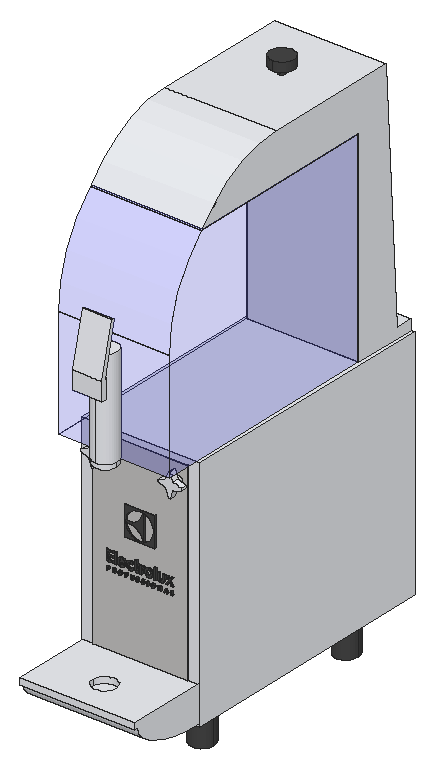
Revit family "QF_ELECTROLUXPROFESSIONAL_562509_IPRO1ER290", category Attrezzature speciali, Revit 2020
Family settings
  Quota connettore circolare = Usa diametro
  Tipo di parte = Normale
  Basato su piano di lavoro = No
  Sempre verticale = Sì
  Taglio con vuoti quando caricato = No
  Condiviso = No
  Punto di calcolo locali = No
Parameters (values of type "Standard")
  Weight = 39.00 kg
  Watts = 440 W
  Volts = 220 V
  URL Manufacturer = "https://www.electroluxprofessional.com/"
  URL = "https://www.electroluxprofessional.com/"
  Steam Supply Size = 0 mm
  Steam Supply Minimum Pressure = 0.0 Pa
  Steam Supply Maximum Pressure = 0.0 Pa
  Steam Consumption per Hour = 0
  Show Logo [instance] = yes
  Show Clearance [instance] = yes
  Refrigeration Suction Line Size = 0 mm
  Refrigeration Liquid Line Size = 0 mm
  Refrigerant Compressor Remote = yes
  Prospetto di default = 0 mm
  Produttore = "Electrolux Professional"
  Phase = 1
  Modello = "IPRO1ER290"
  Length Actual = 200 mm  # constant formula
  Item Number = "562509"
  Hot Water Size = 0 mm
  Height Actual = 870 mm  # constant formula
  HP = "0.6 HP"
  Gas Size = 0 mm
  Gas KW = 0
  Gas Input Pressure = 0 W
  Direct Waste Size = 0 mm
  Descrizione = "1X11 LT BOWL - FROZEN GRANITA DISPENSER - ELECTRONIC CONTROL - 1 INSULATED BOWL - WHITE, R290"
  Depth Actual = 580 mm  # constant formula
  Cycle = 50 Hz
  Condensate Return Size = 0 mm
  Compressed Air Volume = 0.0 L/s
  Compressed Air Size = 0 mm
  Compressed Air Pressure = 0.0 Pa
  Cold Water Size = 0 mm
  Accessory = yes
Reference planes
  plane 1: z = 0
  plane 2 "LEFT": x = -300
  plane 3 "BACK": y = 282.5
  plane 4: z = 876
  plane 5: z = 449
  plane 6: z = 113
  plane 7: z = 903
  plane 8: x = -100.125
  plane 9: y = -305.294
Forms (mm)
  Extrusion 1, solid, material "QF_Finishes_White"
    sketch origin (0, 0, 0) x (1, 0, 0) y (0, 1, 0)
      loop
        line (-300, 282.5) -> (-300, -171.294) -> (-100.125, -171.294) -> (-100.125, 282.5) -> (-300, 282.5)
    from 50 to 449
  Extrusion 2, solid, material "QF_Finishes_Stainless Steel"
    sketch origin (15.789, -8.294, 3) x (1, 0, 0) y (0, 1, 0)
      loop
        line (-135.914, -163) -> (-295.914, -163) -> (-295.914, -163.8) -> (-135.914, -163.8) -> (-135.914, -163)
    from 110 to 436
  Extrusion 3, solid, material "QF_Finishes_Stainless Steel"
    sketch origin (-546.596, -222.273, 48) x (0, -1, 0) y (1, 0, 0)
      loop
        line (-163.023, 407.596) -> (-163.023, 427.596) -> (-183.023, 427.596) -> (-183.023, 407.596) -> (-163.023, 407.596)
    from 0 to 2
Dimensions and locks
  plane 4 to level = 876 mm
  level to plane 7 = 903 mm
  plane 6 to level = 113 mm
  plane 5 to plane 6 = 336 mm
  plane 3 "BACK" to nested 12 = 569.125 mm
  Extrusion 1 to nested 5 = 587.794 mm
  plane 2 "LEFT" to plane 8 = 199.875 mm
  plane 9 to plane 3 "BACK" = 587.794 mm
  aligned and locked: level to plane 1
Nested families
  nested 1: "MANOPOLA BEVERAGE" at (-265, -172.094, 413) x (0, 0, 1) z (0, -1, 0), type "MANOPOLA BEVERAGE"
  nested 2: "MANOPOLA BEVERAGE" at (-135.125, -172.094, 413) x (0, 0, 1) z (0, -1, 0), type "MANOPOLA BEVERAGE"
  nested 3: "MANOPOLA APERTURA BEVERAGE " at (-198.5, 124.79, 876) x (0, 1, 0) z (0, 0, 1), type "MANOPOLA APERTURA BEVERAGE "
  nested 4: "PORTAGRANITE BEVERAGE-taller" at (-200, 28.972, 449), type "PORTAGRANITE BEVERAGE-taller"
  nested 5: "VASCHETTA BEVERAGE" at (-200.063, -171.294, 83) x (1, 0, 0) z (0, -1, 0), type "VASCHETTA BEVERAGE"
  nested 6: "ELXP_LOGO_ONLY_MEDIUM" at (-200.125, -172.094, 319) x (1, 0, 0) z (0, -1, 0), Show Logo <- "Show Logo", visible <- "Show Logo", type "ELXP_LOGO_ONLY_MEDIUM"
    with Show Logo yes
  nested 7: "ELX_LOGO_WORDS_MEDIUM" at (-200, -172.094, 249.611) x (1, 0, 0) z (0, -1, 0), visible <- "Show Logo", Show Logo <- "Show Logo", type "ELX_LOGO_WORDS_MEDIUM"
    with Show Logo yes
  nested 8: "Piedino 50x40 BEVERAGE" at (-271, 174.5, 0), type "Piedino 50x40 BEVERAGE"
    with H 150 mm
  nested 9: "Piedino 50x40 BEVERAGE" at (-271, -130.5, 0), type "Piedino 50x40 BEVERAGE"
    with H 150 mm
  nested 10: "Piedino 50x40 BEVERAGE" at (-129, 174.5, 0), type "Piedino 50x40 BEVERAGE"
    with H 150 mm
  nested 11: "Piedino 50x40 BEVERAGE" at (-129, -130.5, 0), type "Piedino 50x40 BEVERAGE"
    with H 150 mm
  nested 12: "BOCCHETTONE BEVERAGE_large" at (-198.625, -228.664, 567) x (1, 0, 0) z (0, -1, 0), type "BOCCHETTONE BEVERAGE_large"
Connectors
  electrical at (-129, -49.25, 48), driven by "Volts"
    settings: on Extrusion 3, index 73, voltage 220 V, apparent load 0 VA, apparent load phase1 0 VA, apparent load phase2 0 VA, apparent load phase3 0 VA, power factor 1, load classification "Altro", number of poles 1, system type 30, power factor state 1, is connector primary yes, connector utility no, sub classification motor no, connector description "Electrical Connection"
Definition of nested family "MANOPOLA BEVERAGE"
  Parameters (values of type "MANOPOLA BEVERAGE")
    Default Elevation = 1219.2 mm
  Reference planes
    plane 1 "Centro (Fronte/Retro)": y = 0
    plane 2: z = 0
    plane 3 "Centro (Sinistra/Destra)": x = 0
    plane 4: z = 20
  Forms (mm)
    Extrusion 1, solid
      sketch origin (0, 0, 0) x (1, 0, 0) y (0, 1, 0)
        loop
          line (-1219.2, 1219.2) -> (-1219.2, -1219.2) -> (1219.2, -1219.2) -> (1219.2, 1219.2) -> (-1219.2, 1219.2)
      from 0 to -304.8
    Extrusion 2, solid
      sketch origin (0, 0, 10) x (1, 0, 0) y (0, 1, 0)
        loop
          line (-20, -1.333) -> (-6.314, -6.314) -> (-1.333, -20) -> (1.333, -20) -> (6.314, -6.314) -> (20, -1.333) -> (20, 1.333) -> (6.314, 6.314) -> (1.333, 20) -> (-1.333, 20) -> (-6.314, 6.314) -> (-20, 1.333) -> (-20, -1.333)
      from 0 to 10
    Extrusion 3, solid
      sketch origin (0, 0, 0) x (1, 0, 0) y (0, 1, 0)
        loop
          circle (0, 0) r 5
      from 0 to 10
  Dimensions and locks
    aligned and locked: plane 2 to Extrusion 1
    aligned and locked: level to Extrusion 1
Definition of nested family "MANOPOLA APERTURA BEVERAGE "
  Parameters (values of type "MANOPOLA APERTURA BEVERAGE ")
    Default Elevation = 1219.2 mm
  Reference planes
    plane 1 "Centro (Fronte/Retro)": y = 0
    plane 2: z = 0
    plane 3 "Centro (Sinistra/Destra)": x = 0
    plane 4: z = 27
  Forms (mm)
    Extrusion 1, solid
      sketch origin (0, 0, 0) x (1, 0, 0) y (0, 1, 0)
        loop
          line (-1219.2, 1219.2) -> (-1219.2, -1219.2) -> (1219.2, -1219.2) -> (1219.2, 1219.2) -> (-1219.2, 1219.2)
      from 0 to -304.8
    Extrusion 2, solid
      sketch origin (0, 0, 0) x (1, 0, 0) y (0, 1, 0)
        loop
          circle (0, 0) r 5
      from 0 to 12
    Extrusion 3, solid
      sketch origin (0, 0, 12) x (1, 0, 0) y (0, 1, 0)
        loop
          circle (0, 0) r 20
      from 0 to 15
  Dimensions and locks
    Extrusion 1 to plane 4 = 27 mm
    aligned and locked: plane 2 to Extrusion 1
    aligned and locked: level to Extrusion 1
Definition of nested family "PORTAGRANITE BEVERAGE-taller"
  Parameters (values of type "PORTAGRANITE BEVERAGE-taller")
    Default Elevation = 1219.2 mm
  Reference planes
    plane 1 "Centro (Fronte/Retro)": y = 0
    plane 2: z = 0
    plane 3 "Centro (Sinistra/Destra)": x = 0
    plane 4: y = -36.472
    plane 5: z = 340
    plane 6: x = -94
    plane 7: x = 94
    plane 8: y = 253.528
    plane 9: y = -257.636
  Forms (mm)
    Extrusion 1, solid
      sketch origin (0, 0, 0) x (1, 0, 0) y (0, 1, 0)
        loop
          line (-1219.2, 1219.2) -> (-1219.2, -1219.2) -> (1219.2, -1219.2) -> (1219.2, 1219.2) -> (-1219.2, 1219.2)
      from 0 to -304.8
    Extrusion 2, solid
      sketch origin (-94, -28.972, -376) x (0, 1, 0) y (0, 0, 1)
        loop
          line (172.5, 723) -> (172.5, 376) -> (282.5, 376) -> (282.5, 393) -> (251.241, 393) -> (229.754, 803) -> (-2.5, 803)
          arc (-2.5, 803) -> (-89.678, 781.819) -> (-157.419, 723) r 190
          line (-157.419, 723) -> (172.5, 723)
      from 0 to 188
    Extrusion 3, solid
      sketch origin (-101.5, -28.972, -378) x (0, 1, 0) y (0, 0, 1)
        loop
          line (170.5, 378) -> (170.5, 723) -> (-159.213, 723)
          arc (-159.213, 723) -> (-210.545, 650.651) -> (-228.664, 563.812) r 217.164
          line (-228.664, 563.812) -> (-228.664, 378) -> (170.5, 378)
      from 7.5 to 195.5
  Dimensions and locks
    plane 6 to plane 7 = 188 mm
    plane 9 to plane 8 = 511.164 mm
    aligned and locked: plane 2 to Extrusion 1
    aligned and locked: level to Extrusion 1
Definition of nested family "VASCHETTA BEVERAGE"
  Parameters (values of type "VASCHETTA BEVERAGE")
    Default Elevation = 1219.2 mm
  Reference planes
    plane 1 "Centro (Fronte/Retro)": y = 0
    plane 2: z = 0
    plane 3 "Centro (Sinistra/Destra)": x = 0
  Forms (mm)
    Extrusion 1, solid
      sketch origin (0, 0, 0) x (1, 0, 0) y (0, 1, 0)
        loop
          line (-1219.2, 1219.2) -> (-1219.2, -1219.2) -> (1219.2, -1219.2) -> (1219.2, 1219.2) -> (-1219.2, 1219.2)
      from 0 to -304.8
    Extrusion 2, solid
      sketch origin (-97.5, -80, -167.5) x (0, 0, -1) y (0, 1, 0)
        loop
          line (-167.5, 110) -> (-301.5, 110) -> (-301.5, 100) -> (-296.403, 100)
          spline (-296.403, 100) -> (-294.717, 93.399) -> (-290.961, 86.937) -> (-285.195, 80.722) -> (-277.513, 74.853) -> (-268.041, 69.426) -> (-256.932, 64.529) -> (-244.367, 60.243) -> (-230.551, 56.637) -> (-215.709, 53.769) -> (-200.082, 51.686) -> (-183.925, 50.423) -> (-167.5, 50)
          line (-167.5, 50) -> (-167.5, 110)
      from 0 to 195
    Extrusion 3, void
      sketch origin (202.5, -80, -167.5) x (1, 0, 0) y (0, 0, -1)
        loop
          circle (-202.5, -244.664) r 20
      from 100 to 110
  Cuts and joins
    Extrusion 3 cuts Extrusion 2
  Dimensions and locks
    aligned and locked: plane 2 to Extrusion 1
    aligned and locked: level to Extrusion 1
Definition of nested family "ELXP_LOGO_ONLY_MEDIUM"
  Parameters (values of type "ELXP_LOGO_ONLY_MEDIUM")
    Show Logo [instance] = yes
    Default Elevation = 0 mm
  Reference planes
    plane 1 "Centro (Fronte/Retro)": y = 0
    plane 2: z = 0
    plane 3 "Centro (Sinistra/Destra)": x = 0
  Forms (mm)
    Extrusion 1, solid
      sketch origin (0, 0, 0) x (1, 0, 0) y (0, 1, 0)
        loop
          line (-1219.2, 1219.2) -> (-1219.2, -1219.2) -> (1219.2, -1219.2) -> (1219.2, 1219.2) -> (-1219.2, 1219.2)
      from 0 to -304.8
    Extrusion 2, solid, visible <- "Show Logo"
      sketch origin (15.862, -72.798, 0) x (1, 0, 0) y (0, 1, 0)
        loop
          line (-40.901, 47.952) -> (9.138, 47.952) -> (9.138, 97.923) -> (-40.901, 97.923) -> (-40.901, 47.952)
        loop
          line (-9.2, 95.47) -> (-9.2, 50.507)
          arc (-9.2, 50.507) -> (7.421, 72.988) -> (-9.2, 95.47) r 23.515
        loop
          line (-11.486, 92.214) -> (-11.486, 95.47)
          arc (-11.486, 95.47) -> (-30.185, 91.22) -> (-39.194, 74.292) r 23.044
          line (-39.194, 74.292) -> (-31.756, 74.292)
          arc (-31.756, 74.292) -> (-18.467, 79.686) -> (-11.486, 92.214) r 21.599
        loop
          arc (-39.194, 71.685) -> (-30.2, 54.618) -> (-11.486, 49.93) r 23.647
          line (-11.486, 49.93) -> (-11.486, 53.763)
          arc (-11.486, 53.763) -> (-18.467, 66.291) -> (-31.756, 71.685) r 21.599
          line (-31.756, 71.685) -> (-39.194, 71.685)
      from 0 to 1.644
  Dimensions and locks
    aligned and locked: plane 2 to Extrusion 1
    aligned and locked: level to Extrusion 1
Definition of nested family "ELX_LOGO_WORDS_MEDIUM"
  Parameters (values of type "ELX_LOGO_WORDS_MEDIUM")
    Show Logo [instance] = yes
    Default Elevation = 0 mm
  Reference planes
    plane 1 "Centro (Fronte/Retro)": y = 0
    plane 2: z = 0
    plane 3 "Centro (Sinistra/Destra)": x = 0
  Forms (mm)
    Extrusion 1, solid
      sketch origin (0, 0, 0) x (1, 0, 0) y (0, 1, 0)
        loop
          line (-1219.2, 1219.2) -> (-1219.2, -1219.2) -> (1219.2, -1219.2) -> (1219.2, 1219.2) -> (-1219.2, 1219.2)
      from 0 to -304.8
    Extrusion 2, solid, visible <- "Show Logo"
      sketch origin (0, 0, 0) x (1, 0, 0) y (0, 1, 0)
        loop
          line (-45.351, 15.842) -> (-56.505, 15.842) -> (-56.505, 2.853)
          arc (-56.505, 2.853) -> (-55.037, -0.691) -> (-51.493, -2.159) r 5.012
          line (-51.493, -2.159) -> (-45.135, -2.159) -> (-45.135, 0.755) -> (-50.767, 0.755)
          arc (-50.767, 0.755) -> (-52.618, 1.38) -> (-53.406, 3.168) r 2.423
          line (-53.406, 3.168) -> (-53.406, 5.743) -> (-45.833, 5.743) -> (-45.833, 8.668) -> (-53.406, 8.668) -> (-53.406, 12.925) -> (-45.351, 12.925) -> (-45.351, 15.842)
        loop
          line (-42.933, 15.842) -> (-42.933, -2.159) -> (-39.832, -2.159) -> (-39.832, 15.842) -> (-42.933, 15.842)
        loop
          line (24.405, 15.842) -> (24.405, -2.159) -> (27.508, -2.159) -> (27.508, 15.842) -> (24.405, 15.842)
        loop
          line (-34.705, 3.589) -> (-24.531, 3.589)
          arc (-24.531, 3.589) -> (-26.123, 9.178) -> (-31.565, 11.217) r 6.447
          arc (-31.565, 11.217) -> (-36.358, 8.786) -> (-37.726, 3.589) r 6.56
          arc (-37.726, 3.589) -> (-35.926, -0.757) -> (-31.58, -2.557) r 6.146
          arc (-31.58, -2.557) -> (-28.198, -2.058) -> (-25.362, -0.149) r 7.726
          line (-25.362, -0.149) -> (-27.199, 1.688)
          arc (-27.199, 1.688) -> (-29.61, 0.242) -> (-32.411, 0.485) r 4.558
          arc (-32.411, 0.485) -> (-34.119, 1.622) -> (-34.705, 3.589) r 3.019
        loop
          line (-34.628, 5.769) -> (-27.646, 5.769)
          arc (-27.646, 5.769) -> (-28.626, 7.83) -> (-30.779, 8.59) r 2.974
          arc (-30.779, 8.59) -> (-33.263, 7.943) -> (-34.628, 5.769) r 3.481
        loop
          line (-12.445, 7.067) -> (-10.499, 9.013)
          arc (-10.499, 9.013) -> (-12.94, 10.78) -> (-15.907, 11.309) r 6.746
          arc (-15.907, 11.309) -> (-20.432, 9.655) -> (-22.806, 5.463) r 6.977
          arc (-22.806, 5.463) -> (-18.803, -1.885) -> (-10.608, -0.191) r 7.026
          line (-10.608, -0.191) -> (-12.544, 1.745)
          arc (-12.544, 1.745) -> (-16.723, 0.362) -> (-19.717, 3.589) r 4.071
          arc (-19.717, 3.589) -> (-19.509, 6.14) -> (-17.752, 8.002) r 3.867
          arc (-17.752, 8.002) -> (-14.941, 8.431) -> (-12.445, 7.067) r 4.442
        loop
          line (-8.594, 15.842) -> (-8.594, 3.541)
          arc (-8.594, 3.541) -> (-8.326, 1.695) -> (-7.635, -0.038) r 7.951
          arc (-7.635, -0.038) -> (-5.422, -1.797) -> (-2.62, -2.167) r 5.297
          line (-2.62, -2.167) -> (-2.62, 0.738)
          arc (-2.62, 0.738) -> (-3.453, 0.802) -> (-4.23, 1.109) r 2.792
          arc (-4.23, 1.109) -> (-5.227, 2.163) -> (-5.494, 3.589) r 2.57
          line (-5.494, 3.589) -> (-5.494, 8.043) -> (-2.678, 8.043) -> (-2.678, 10.86) -> (-5.494, 10.86) -> (-5.494, 15.842) -> (-8.594, 15.842)
        loop
          arc (3.006, 4.684) -> (3.228, 5.982) -> (3.868, 7.133) r 3.911
          arc (3.868, 7.133) -> (5.725, 8.086) -> (7.812, 8.043) r 4.26
          line (7.812, 8.043) -> (7.812, 11.023)
          arc (7.812, 11.023) -> (5.085, 10.766) -> (3.006, 8.983) r 4.524
          line (3.006, 8.983) -> (3.006, 10.86) -> (-0.069, 10.86) -> (-0.069, -2.159) -> (3.006, -2.159) -> (3.006, 4.684)
        loop
          circle (15.393, 4.348) r 6.899
        loop
          circle (15.393, 4.348) r 4.181
        loop
          arc (38.69, 3.262) -> (37.924, 1.158) -> (35.848, 0.319) r 2.752
          arc (35.848, 0.319) -> (33.771, 1.158) -> (33.005, 3.262) r 2.752
          line (33.005, 3.262) -> (33.005, 10.859) -> (29.879, 10.859) -> (29.879, 3.004)
          arc (29.879, 3.004) -> (31.658, -1.052) -> (35.848, -2.489) r 5.512
          arc (35.848, -2.489) -> (40.084, -1.008) -> (41.815, 3.132) r 5.512
          line (41.815, 3.132) -> (41.815, 10.859) -> (38.69, 10.859) -> (38.69, 3.262)
        loop
          line (43.689, 10.859) -> (48.192, 4.746) -> (43.245, -2.164) -> (46.578, -2.164) -> (49.861, 2.422) -> (53.193, -2.164) -> (56.505, -2.164) -> (51.629, 4.817) -> (56.087, 10.859) -> (52.703, 10.859) -> (49.851, 6.995) -> (47.043, 10.859) -> (43.689, 10.859)
        loop
          line (-53.813, -9.621) -> (-56.285, -9.621) -> (-56.285, -15.847) -> (-54.932, -15.847) -> (-54.932, -13.703) -> (-53.437, -13.703)
          arc (-53.437, -13.703) -> (-51.764, -11.49) -> (-53.813, -9.621) r 2.058
        loop
          arc (-53.496, -12.48) -> (-52.984, -11.679) -> (-53.496, -10.879) r 0.881
          line (-53.496, -10.879) -> (-54.932, -10.879) -> (-54.932, -12.48) -> (-53.496, -12.48)
        loop
          line (-44.045, -9.621) -> (-46.56, -9.621) -> (-46.56, -15.847) -> (-45.207, -15.847) -> (-45.207, -13.703) -> (-43.898, -13.703) -> (-43.003, -15.847) -> (-41.55, -15.847) -> (-42.774, -13.222)
          arc (-42.774, -13.222) -> (-42.188, -12.521) -> (-41.991, -11.628) r 1.922
          arc (-41.991, -11.628) -> (-42.609, -10.206) -> (-44.045, -9.621) r 2.055
        loop
          line (-45.207, -10.879) -> (-45.207, -12.48) -> (-43.771, -12.48)
          arc (-43.771, -12.48) -> (-43.258, -11.679) -> (-43.771, -10.879) r 0.881
          line (-43.771, -10.879) -> (-45.207, -10.879)
        loop
          circle (-33.602, -12.734) r 3.233
        loop
          circle (-33.602, -12.734) r 2.052
        loop
          line (-25.054, -9.622) -> (-25.054, -15.847) -> (-23.734, -15.847) -> (-23.734, -13.671) -> (-21.392, -13.671) -> (-21.392, -12.276) -> (-23.734, -12.276) -> (-23.734, -10.963) -> (-21.167, -10.963) -> (-21.167, -9.622) -> (-25.054, -9.622)
        loop
          line (-15.917, -9.622) -> (-15.917, -13.825)
          arc (-15.917, -13.825) -> (-15.343, -15.249) -> (-13.926, -15.842) r 1.991
          line (-13.926, -15.842) -> (-11.917, -15.842) -> (-11.917, -14.666) -> (-13.806, -14.666)
          arc (-13.806, -14.666) -> (-14.501, -14.091) -> (-14.638, -13.198) r 1.267
          line (-14.638, -13.198) -> (-12.15, -13.198) -> (-12.15, -12.023) -> (-14.638, -12.023) -> (-14.638, -10.797) -> (-11.977, -10.797) -> (-11.977, -9.622) -> (-15.917, -9.622)
        loop
          arc (6.626, -10.41) -> (5.801, -9.733) -> (4.757, -9.518) r 2.228
          arc (4.757, -9.518) -> (3.792, -9.755) -> (2.999, -10.352) r 2.468
          arc (2.999, -10.352) -> (2.853, -11.766) -> (3.765, -12.856) r 1.825
          arc (3.765, -12.856) -> (4.531, -13.112) -> (5.259, -13.464) r 6.301
          arc (5.259, -13.464) -> (5.719, -14.005) -> (5.402, -14.641) r 0.645
          arc (5.402, -14.641) -> (4.814, -14.78) -> (4.228, -14.631) r 1.269
          arc (4.228, -14.631) -> (3.722, -14.266) -> (3.412, -13.725) r 1.474
          line (3.412, -13.725) -> (2.324, -14.233)
          arc (2.324, -14.233) -> (2.716, -14.99) -> (3.348, -15.561) r 2.393
          arc (3.348, -15.561) -> (4.065, -15.867) -> (4.841, -15.945) r 2.579
          arc (4.841, -15.945) -> (5.8, -15.754) -> (6.664, -15.295) r 3.369
          arc (6.664, -15.295) -> (7.045, -14.28) -> (6.848, -13.214) r 2.023
          arc (6.848, -13.214) -> (6.423, -12.723) -> (5.879, -12.368) r 2.346
          arc (5.879, -12.368) -> (5.19, -12.061) -> (4.485, -11.796) r 12.353
          arc (4.485, -11.796) -> (4.077, -11.162) -> (4.666, -10.692) r 0.562
          arc (4.666, -10.692) -> (5.372, -10.862) -> (5.915, -11.344) r 1.497
          line (5.915, -11.344) -> (6.626, -10.41)
        loop
          line (12.337, -9.622) -> (12.337, -15.842) -> (13.616, -15.842) -> (13.616, -9.622) -> (12.337, -9.622)
        loop
          circle (22.24, -12.732) r 1.935
        loop
          circle (22.24, -12.732) r 3.231
        loop
          line (30.821, -15.842) -> (32.114, -15.842) -> (32.114, -11.931) -> (34.96, -15.842) -> (36.203, -15.842) -> (36.203, -9.622) -> (34.911, -9.622) -> (34.911, -13.651) -> (32.065, -9.622) -> (30.821, -9.622) -> (30.821, -15.842)
        loop
          line (42.652, -15.842) -> (43.258, -14.5) -> (45.559, -14.5) -> (46.165, -15.842) -> (47.54, -15.842) -> (44.912, -9.622) -> (43.712, -9.622) -> (41.279, -15.842) -> (42.652, -15.842)
        loop
          line (44.985, -13.224) -> (44.369, -11.857) -> (43.77, -13.224) -> (44.985, -13.224)
        loop
          line (53.893, -14.666) -> (53.893, -9.622) -> (52.614, -9.622) -> (52.614, -15.842) -> (56.285, -15.842) -> (56.285, -14.666) -> (53.893, -14.666)
        loop
          arc (-2.701, -10.41) -> (-3.525, -9.733) -> (-4.57, -9.518) r 2.228
          arc (-4.57, -9.518) -> (-5.534, -9.755) -> (-6.327, -10.352) r 2.468
          arc (-6.327, -10.352) -> (-6.473, -11.766) -> (-5.562, -12.856) r 1.825
          arc (-5.562, -12.856) -> (-4.795, -13.112) -> (-4.067, -13.464) r 6.301
          arc (-4.067, -13.464) -> (-3.608, -14.005) -> (-3.924, -14.641) r 0.645
          arc (-3.924, -14.641) -> (-4.512, -14.78) -> (-5.098, -14.631) r 1.269
          arc (-5.098, -14.631) -> (-5.604, -14.266) -> (-5.914, -13.725) r 1.474
          line (-5.914, -13.725) -> (-7.002, -14.233)
          arc (-7.002, -14.233) -> (-6.61, -14.99) -> (-5.978, -15.561) r 2.393
          arc (-5.978, -15.561) -> (-5.261, -15.867) -> (-4.485, -15.945) r 2.579
          arc (-4.485, -15.945) -> (-3.526, -15.754) -> (-2.663, -15.295) r 3.369
          arc (-2.663, -15.295) -> (-2.281, -14.28) -> (-2.478, -13.214) r 2.023
          arc (-2.478, -13.214) -> (-2.903, -12.723) -> (-3.448, -12.368) r 2.346
          arc (-3.448, -12.368) -> (-4.136, -12.061) -> (-4.842, -11.796) r 12.353
          arc (-4.842, -11.796) -> (-5.249, -11.162) -> (-4.66, -10.692) r 0.562
          arc (-4.66, -10.692) -> (-3.954, -10.862) -> (-3.412, -11.344) r 1.497
          line (-3.412, -11.344) -> (-2.701, -10.41)
      from 0 to 1.644
  Dimensions and locks
    aligned and locked: plane 2 to Extrusion 1
    aligned and locked: level to Extrusion 1
Definition of nested family "Piedino 50x40 BEVERAGE"
  Parameters (values of type "Piedino 50x40 BEVERAGE")
    Default Elevation = 0 mm
    H [instance] = 150 mm
  Reference planes
    plane 1 "Centro (Fronte/Retro)": y = 0
    plane 2: z = 0
    plane 3 "Centro (Sinistra/Destra)": x = 0
  Forms (mm)
    Revolve 1, solid
      sketch origin (55, 0, 0) x (-1, 0, 0) y (0, 0, -1)
        loop
          line (55, 0) -> (35, 0) -> (35, -50) -> (55, -50) -> (55, 0)
        axis (55, 0) -> (55, -50)
      angle from 0 to 360
  Dimensions and locks
    aligned and locked: level to plane 2
Definition of nested family "BOCCHETTONE BEVERAGE_large"
  Parameters (values of type "BOCCHETTONE BEVERAGE_large")
    Default Elevation = 1219.2 mm
  Reference planes
    plane 1 "Centro (Fronte/Retro)": y = 0
    plane 2: z = 0
    plane 3 "Centro (Sinistra/Destra)": x = 0
  Forms (mm)
    Extrusion 1, solid
      sketch origin (0, 0, 0) x (1, 0, 0) y (0, 1, 0)
        loop
          line (-1219.2, 1219.2) -> (-1219.2, -1219.2) -> (1219.2, -1219.2) -> (1219.2, 1219.2) -> (-1219.2, 1219.2)
      from 0 to -304.8
    Extrusion 2, solid
      sketch origin (0, -43, 20) x (0, 0, 1) y (1, 0, 0)
        loop
          circle (0, 0) r 20
      from -66.056 to 100
    Extrusion 3, void
      sketch origin (0, -118, 35.961) x (1, 0, 0) y (0, 0, -1)
        loop
          line (-27.179, -16.141) -> (-21.226, -10.188) -> (-6.226, -10.188) -> (-6.226, 12.684) -> (-27.179, 12.684) -> (-27.179, -16.141)
        loop
          line (27.179, -16.141) -> (27.179, 12.684) -> (6.226, 12.684) -> (6.226, -10.188) -> (21.226, -10.188) -> (27.179, -16.141)
      from 104.337 to 159.894
    Extrusion 4, solid
      sketch origin (25, -88.779, 20) x (0, 0, 1) y (0, 1, 0)
        loop
          line (11.922, 118.779) -> (11.922, 88.779) -> (37.961, 88.779) -> (37.961, 119.393) -> (16.929, 203.749) -> (12.077, 202.539) -> (32.961, 118.779) -> (11.922, 118.779)
      from 0 to 50
    Extrusion 5, solid
      sketch origin (0, -118, 35.961) x (1, 0, 0) y (0, 0, -1)
        loop
          circle (0, 15.97) r 19
      from 0 to 8.944
  Cuts and joins
    Extrusion 3 cuts Extrusion 4
    joined: Extrusion 2, Extrusion 4
  Dimensions and locks
    aligned and locked: plane 2 to Extrusion 1
    aligned and locked: level to Extrusion 1
